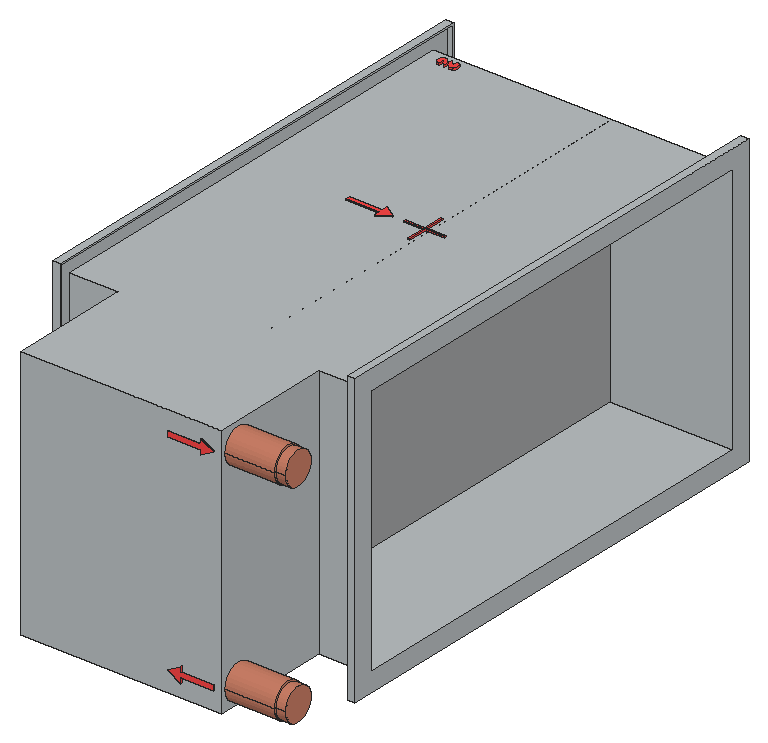
Revit family "NLRS_57_DUA_UN_rectangular-heater-ahxkkx23-26_LT_sacs", category Duct Accessories, Revit 2023
Family settings
  Round Connector Dimension = Use Diameter
  Part Type = Breaks Into
  OmniClass Number = 23.75.10.11.17
  OmniClass Title = Warm Air Heat Generators
  Work Plane-Based = No
  Always vertical = Yes
  Cut with Voids When Loaded = No
  Shared = No
Parameters (values of type "AHxKKx23-26")
  Water connection Right [instance] = yes
  Type IFC Predefined Type = "Heater"
  SACS_Warning_Text_Size [instance] = if(SACS_Warning_Size, "Invalid duct size. Nearest (larger) size selected", " ")  # " "
  SACS_Warning_Text_Other [instance] = if(SACS_Warning_Other, "Selected configuration not allowed", if([Heater circuits (1-26)] < 8, "Use family AHxKKx1-7", if([Heater circuits (1-26)] < 15, "Use family AHxKKx8-14", if([Heater circuits (1-26)] < 23, "Use family AHxKKx15-22", " "))))  # " "
  SACS_Warning_Size [instance] = or(not(NLRS_M_c01_breedte = SACS_Duct_Width), not(NLRS_M_c01_hoogte = SACS_Duct_Height))  # no
  SACS_Warning_Sign [instance] = and(not(SACS_Disable_Warning), or(SACS_Warning_Size, SACS_Warning_Other))  # no
  SACS_Warning_Other [instance] = or([Heater rows (2-10)] < 2, [Heater rows (2-10)] > 10, [Heater circuits (1-26)] < 1, [Heater circuits (1-26)] > 26)  # no
  SACS_Use_Manual_Airflow [instance] = no
  SACS_Plenum_L [instance] = if([Heater rows (2-10)] < 7, 300.00 mm, 400.00 mm)  # 300.00 mm
  SACS_Model [instance] = size_lookup(SACS_Data_Hidden, "Model", "NB", SACS_Duct_Width, SACS_Duct_Height, SACS_Index1, SACS_Index2, SACS_Index3)  # "AH2KKR-25-23 450x250"
  SACS_Manual_Airflow [instance] = 0.0 m³/h
  SACS_Index3 [instance] = if(Water connection Right, 0.00 mm, 1.00 mm)  # 0.00 mm
  SACS_Index2 [instance] = if([Heater circuits (1-26)] < 1, 1, if([Heater circuits (1-26)] > 26, 26, [Heater circuits (1-26)])) * 1.00 mm  # 23.00 mm
  SACS_Index1 [instance] = if([Heater rows (2-10)] < 2, 2, if([Heater rows (2-10)] > 10, 10, [Heater rows (2-10)])) * 1.00 mm  # 2.00 mm
  SACS_Disable_Warning [instance] = no
  SACS_Data_Hidden [instance] = if(Water connection Right, "AH-KKR-25_23-26", "AH-KKL-25_23-26")  # "AH-KKR-25_23-26"
  URL = "https://solid-air.nl/producten/solid-air-naverwarmer-ah-k/"
  Type Comments = "Check flow directions!"  # constant formula
  SACS_Y_Offset3 [instance] = if(Water connection Right, -1.00 mm, SACS_Length_Y - 1.00 mm)  # -1.00 mm
  SACS_Y_Offset2 [instance] = if(Water connection Right, SACS_Duct_Width + SACS_Length_Y - 20.00 mm, 20.00 mm)  # 552.00 mm
  SACS_Y_Offset [instance] = if(Water connection Right, 0.00 mm, SACS_Length_Y)  # 0.00 mm
  SACS_Type_Mark [instance] = ""
  SACS_Right_Box [instance] = if(Water connection Right, SACS_Duct_Width + SACS_Length_Y, SACS_Y_Offset - 1.00 mm)  # 572.00 mm
  SACS_Offset_RL [instance] = if(Water connection Right, 20.00 mm, SACS_Duct_Width + SACS_Length_Y - 19.00 mm)  # 20.00 mm
  SACS_Length_Y [instance] = 90.00 mm + NLRS_P_c01_diameter  # 122.00 mm
  SACS_Left_Box [instance] = if(Water connection Right, SACS_Duct_Width + 1.00 mm, 0.00 mm)  # 451.00 mm
  SACS_Index_Side [instance] = if(Water connection Right, 0, 1)  # 0
  SACS_Flange_Height [instance] = if(or(SACS_Duct_Height > 650.00 mm, SACS_Duct_Width > 650.00 mm), 29.00 mm, 19.00 mm)  # 19.00 mm
  SACS_Duct_Width [instance] = if(roundup(NLRS_M_c01_breedte / 50.00 mm) * 50 < 200, 200.00 mm, if(roundup(NLRS_M_c01_breedte / 50.00 mm * 50) > 2000, 2000.00 mm, roundup(NLRS_M_c01_breedte / 50.00 mm) * 50.00 mm))  # 450.00 mm
  SACS_Duct_Height [instance] = if(roundup(NLRS_M_c01_hoogte / 50.00 mm) * 50 < 200, 200.00 mm, if(roundup(NLRS_M_c01_hoogte / 50.00 mm * 50) > 1600, 1600.00 mm, roundup(NLRS_M_c01_hoogte / 50.00 mm) * 50.00 mm))  # 250.00 mm
  SACS_Diameter2 [instance] = NLRS_P_c01_diameter + 2.00 mm  # 34.00 mm
  SACS_Battery_Length [instance] = SACS_Index1 * 28  # 56.00 mm
  SACS_Air_Flow [instance] = 0.0 m³/h
  SA-Select [instance] = "https://saselect.solid-air.nl/duct-heater"
  NLRS_P_c01_drukverlies_statisch [instance] = 0.0 Pa
  NLRS_P_c01_diameter [instance] = if([Heater circuits (1-26)] < 8, 15.00 mm, if([Heater circuits (1-26)] < 15, 20.00 mm, if([Heater circuits (1-26)] < 23, 25.00 mm, 32.00 mm)))  # 32.00 mm
  NLRS_M_c01_hoogte [instance] = 250.00 mm
  NLRS_M_c01_drukverlies_statisch [instance] = 0.0 Pa
  NLRS_M_c01_breedte [instance] = 450.00 mm
  NLRS_C_model [instance] = SACS_Model  # "AH2KKR-25-23 450x250"
  NLRS_C_description = Description  # "Heater battery AH_KK - Rectangular connector - Solid Air"
  NLRS_C_content_versie = "4.23.02"  # constant formula
  NLRS_C_content_provider = "Solid Air Climate Solutions"  # constant formula
  NLRS_C_content_datum_uitgifte = "01-04-2026"  # constant formula
  NLRS_C_content_creator = "J. Feeke"  # constant formula
  NLRS_C_artikel_code [instance] = size_lookup(SACS_Data_Hidden, "Artikelcode", "NB", SACS_Duct_Width, SACS_Duct_Height, SACS_Index1, SACS_Index2, SACS_Index3)  # "NB"
  NLRS_P_c01_volumestroom [instance] = 0.0 L/s
  NLRS_M_c01_debiet [instance] = abs(if(SACS_Use_Manual_Airflow, SACS_Manual_Airflow, SACS_Air_Flow))  # 0.0 m³/h
  Model = "AH_KK"  # constant formula
  Manufacturer = "Solid Air Climate Solutions"  # constant formula
  LoadBearing [instance] = 1 = 0  # no
  Keynote = ""
  IsExternal [instance] = 1 = 0  # no
  IfcExportType = "Heater"  # constant formula
  IfcExportAs = "IfcHeatExchanger"  # constant formula
  IfcDescription = Description  # "Heater battery AH_KK - Rectangular connector - Solid Air"
  Heater rows (2-10) [instance] = 2
  Heater circuits (1-26) [instance] = 23
  FireRating [instance] = "00"  # constant formula
  Export Type to IFC As = "IfcHeatExchanger"
  Description = "Heater battery AH_KK - Rectangular connector - Solid Air"  # constant formula
  Default Elevation = 0.00 mm
  Cost = 0
  Assembly Code = "57.00"
Reference planes
  plane 1 "Center (Front/Back)": y = 0
  plane 2: z = 0
  plane 3 "Center (Left/Right)": x = 0
  plane 4 "top": z = 125
  plane 5 "bottom": z = -125
  plane 6 "left": x = -150
  plane 7 "right": x = 150
  plane 8 "back": y = 225
  plane 9 "Front": y = -225
  plane 10 "box": y = -347
  plane 11: y = -226
  plane 12: y = 225
Forms (mm)
  Sweep 1, solid, material "NLRS_57_sendzimir verzinkt_gen_sacs", detail levels medium+fine
    path in 3D
      loop
        line (0, -225, -125) -> (0, 225, -125) -> (0, 225, 125) -> (0, -225, 125) -> (0, -225, -125)
    profile "casing : casing" origin (0, -225, 0) x (0, 1, 0) y (1, 0, 0)
      loop
        line (0, -150) -> (0, 150) -> (-19, 150) -> (-19, 142.5) -> (-18, 142.5) -> (-18, 149) -> (-1, 149) -> (-1, -149) -> (-18, -149) -> (-18, -142.5) -> (-19, -142.5) -> (-19, -150) -> (0, -150)
  Extrusion 2, solid, material "NLRS_57_sendzimir verzinkt_gen_sacs", detail levels medium+fine
    sketch origin (0, 0, 0) x (1, 0, 0) y (0, 1, 0)
      loop
        line (-100, -226) -> (-100, -347) -> (100, -347) -> (100, -226) -> (-100, -226)
    from -126 to 126
  Extrusion 3, solid, material "Koper", detail levels medium+fine
    sketch origin (150, 0, 0) x (0, 1, 0) y (0, 0, 1)
      loop
        circle (-327, 105) r 17
      loop
        circle (-327, -105) r 17
    from -50 to 0
  Extrusion 4, solid, material "Koper", detail levels medium+fine
    sketch origin (150, 0, 0) x (0, 1, 0) y (0, 0, 1)
      loop
        circle (-327, 105) r 16
      loop
        circle (-327, -105) r 16
    from 0 to 10
  Extrusion 5, solid, material "NLRS_57_anodised aluminium_gen_sacs", detail levels medium+fine
    sketch origin (0, 0, 0) x (1, 0, 0) y (0, 1, 0)
      loop
        line (-28, 225) -> (-28, -225) -> (28, -225) -> (28, 225) -> (-28, 225)
    from -125 to 125
  Extrusion 6, solid, material "SACS_Label", detail levels medium+fine
    sketch origin (0, 0, 125) x (-1, 0, 0) y (0, -1, 0)
      loop
        line (-23.44, -20) -> (-23.44, -1) -> (-4.439, -1) -> (-4.439, 1) -> (-23.527, 1) -> (-23.527, 20) -> (-25.44, 20) -> (-25.44, 1) -> (-44.439, 1) -> (-44.439, -1) -> (-25.44, -1) -> (-25.44, -20) -> (-23.44, -20)
    from 1 to 2
Cuts and joins
  joined: Sweep 1, Extrusion 2
Lines and regions (mm)
  model lines, not visible
    curve 1: line (0, 225, 125) -> (0, -225, 125)
    curve 2: line (0, 225, -125) -> (0, 225, 125)
    curve 3: line (0, -225, -125) -> (0, 225, -125)
    curve 4: line (0, -225, 125) -> (0, -225, -125)
  sketch lines
    curve 5: line (0, -225, 125) -> (0, -225, -125)
    curve 6: line (0, 225, 125) -> (0, -225, 125)
    curve 7: line (0, 225, -125) -> (0, 225, 125)
    curve 8: line (0, -225, -125) -> (0, 225, -125)
Dimensions and locks
  equal spacing: plane 4 "top", level, plane 5 "bottom"
  "SACS_Duct_Height": plane 4 "top" to plane 5 "bottom"
  equal spacing: plane 6 "left", plane 3 "Center (Left/Right)", plane 7 "right"
  equal spacing: plane 8 "back", plane 1 "Center (Front/Back)", plane 9 "Front"
  "SACS_Duct_Width": plane 8 "back" to plane 9 "Front"
  "SACS_Plenum_L": plane 6 "left" to plane 7 "right"
  "SACS_Y_Offset": plane 12 to plane 8 "back"
  "SACS_Left_Box": plane 12 to plane 11
  "SACS_Right_Box": plane 12 to plane 10 "box"
  locked: Extrusion 2 sketch curve to plane 7 "right" at 50
  locked: plane 6 "left" to Extrusion 2 sketch curve at 50
  locked: Extrusion 2 to plane 4 "top" at 1
  locked: plane 5 "bottom" to Extrusion 2 at 1
  "SACS_Y_Offset2": Extrusion 3 sketch curve to plane 12
  locked: plane 4 "top" to Extrusion 3 sketch curve at 20
  locked: Extrusion 3 sketch curve to plane 5 "bottom" at 20
  "SACS_Y_Offset2": plane 12 to Extrusion 3 sketch curve
  locked: Extrusion 3 to plane 7 "right" at 50
  locked: Extrusion 4 sketch curve to plane 5 "bottom" at 20
  locked: plane 4 "top" to Extrusion 4 sketch curve at 20
  "SACS_Y_Offset2": plane 12 to Extrusion 4 sketch curve  (x2)
  locked: plane 7 "right" to Extrusion 4 at 10
  equal spacing: Extrusion 5 sketch curve, plane 3 "Center (Left/Right)", Extrusion 5 sketch curve
  "SACS_Battery_Length": Extrusion 5 sketch curve to Extrusion 5 sketch curve
  locked: plane 7 "right" to nested 1 at 80
  plane 7 "right" to nested 2 = 80.00 mm
  locked: nested 3 to plane 3 "Center (Left/Right)" at 30
  Extrusion 6 sketch curve to plane 1 "Center (Front/Back)" to Extrusion 6 sketch curve = 1.00 mm locked, 1.00 mm locked
  Extrusion 6 sketch curve to plane 1 "Center (Front/Back)" to Extrusion 6 sketch curve = 20.00 mm locked, 20.00 mm locked
  locked: plane 6 "left" to nested 4 at 25
  locked: plane 8 "back" to nested 4 at 10
  locked: nested 1 to plane 5 "bottom" at 20
  locked: plane 4 "top" to nested 2 at 20
  "SACS_Diameter2": diameter of Extrusion 3 sketch curve  (x2)
  "NLRS_P_c01_diameter": diameter of Extrusion 4 sketch curve  (x2)
  aligned and locked: level to plane 2
  aligned and locked: curve 1 to plane 4 "top"
  aligned and locked: plane 9 "Front" to curve 4
  aligned and locked: plane 5 "bottom" to curve 3
  aligned and locked: curve 2 to plane 8 "back"
  aligned and locked: Extrusion 2 sketch curve to plane 11
  aligned and locked: plane 10 "box" to Extrusion 2 sketch curve
  aligned and locked: Extrusion 3 to plane 7 "right"
  aligned and locked: plane 8 "back" to Extrusion 5
  aligned and locked: Extrusion 5 to plane 9 "Front"
  aligned and locked: Extrusion 5 to plane 5 "bottom"
  aligned and locked: plane 4 "top" to Extrusion 5
  aligned and locked: plane 1 "Center (Front/Back)" to nested 3
  aligned and locked: plane 3 "Center (Left/Right)" to nested 5
Automatic sketch dimensions
  plane 3 "Center (Left/Right)" to Extrusion 6 sketch curve = 44.439 mm
  Extrusion 6 sketch curve to Extrusion 6 sketch curve = 18.999 mm
  Extrusion 6 sketch curve to Extrusion 6 sketch curve = 0.00 mm
  Extrusion 6 sketch curve to Extrusion 6 sketch curve = 1.913 mm
  Extrusion 6 sketch curve to plane 1 "Center (Front/Back)" = 1.00 mm
  Extrusion 6 sketch curve to Extrusion 6 sketch curve = 2.00 mm
  plane 3 "Center (Left/Right)" to Extrusion 6 sketch curve = 4.439 mm
  plane 1 "Center (Front/Back)" to Extrusion 6 sketch curve = 1.00 mm
  Extrusion 5 sketch curve to plane 9 "Front" = 0.00 mm
  Extrusion 5 sketch curve to plane 8 "back" = 0.00 mm
Nested families
  nested 1: "arrow" at (70, -348, -105) x (-1, 0, 0) z (0, 1, 0), built-in parameter 1001364 <- "SACS_Y_Offset3", type "arrow", detail levels medium+fine
  nested 2: "arrow" at (70, -348, 105) x (1, 0, 0) z (0, 1, 0), built-in parameter 1001364 <- "SACS_Y_Offset3", type "arrow", detail levels medium+fine
  nested 3: "arrow" at (-30, 0, 126), type "arrow", detail levels medium+fine
  nested 4: "logo_single" at (-125, 215, 125), type "logo_single", detail levels medium+fine
  nested 5: "NV-Symbol" at (0, 0, 125), type "FD-Symbol_Top", detail levels coarse
  nested 6: "Warning" at (0, 0, 125), visible <- "SACS_Warning_Size", type "Warning", detail levels medium+fine
  nested 7: "NV-Symbol" at (0, 0, 0) x (1, 0, 0) z (0, 1, 0), type "FD-Symbol_Side", detail levels coarse
Connectors
  hvac at (-150, 0, 0), driven by "NLRS_M_c01_hoogte", driven by "NLRS_M_c01_breedte", driven by "NLRS_M_c01_debiet", driven by "NLRS_M_c01_drukverlies_statisch"
    settings: on cut or joined group of Sweep 1, Extrusion 2, index 1, duct flow 0.0 m³/h, flow factor 0, pres drop 0.0 Pa, loss coef 0, conn angle 0.00°, conn width 450 mm, conn height 250 mm, conn diameter 609.6 mm, duct sys type 29, conn prof type 1, flow config 1, flow direction 1, loss method 4, conn ref index -1, conn util no, is conn primary yes, conn desc ""
  hvac at (150, 0, 0), driven by "NLRS_M_c01_hoogte", driven by "NLRS_M_c01_breedte", driven by "SACS_Air_Flow"
    settings: on cut or joined group of Sweep 1, Extrusion 2, index 2, duct flow 0.0 m³/h, flow factor 0, pres drop 0.0 Pa, loss coef 0, conn angle 0.00°, conn width 450 mm, conn height 250 mm, conn diameter 609.6 mm, duct sys type 29, conn prof type 1, flow config 0, flow direction 2, loss method 0, conn ref index -1, conn util no, is conn primary no, conn desc ""
  piping at (150, -327, -105), diameter 32, driven by "NLRS_P_c01_diameter", driven by "NLRS_P_c01_volumestroom", driven by "NLRS_P_c01_drukverlies_statisch"
    settings: on Extrusion 4, index 3, connector inside diameter 24", connector length 0.00 mm, flow factor 0, pipe flow 0.0 L/s, pressure drop 0.0 Pa, fitting loss kfactor 0, connector angle 0.00°, fixture units 0, engagement length 0.00 mm, angle of deflection 0.00°, flow configuration 1, flow direction 1, fitting loss method 4, system type 7, joint type 0, gender type 0, connector reference index -1, connector utility 0, adjustable connector no, is connector primary yes, connector description ""
  piping at (150, -327, 105), diameter 32, driven by "NLRS_P_c01_diameter", driven by "NLRS_P_c01_volumestroom", driven by "NLRS_P_c01_drukverlies_statisch"
    settings: on Extrusion 4, index 4, connector inside diameter 24", connector length 0.00 mm, flow factor 0, pipe flow 0.0 L/s, pressure drop 0.0 Pa, fitting loss kfactor 0, connector angle 0.00°, fixture units 0, engagement length 0.00 mm, angle of deflection 0.00°, flow configuration 1, flow direction 2, fitting loss method 4, system type 8, joint type 0, gender type 0, connector reference index -1, connector utility 0, adjustable connector no, is connector primary no, connector description ""
Definition of nested family "arrow"
  Parameters (values of type "arrow")
    Default Elevation = 1219.20 mm
  Reference planes
    plane 1 "Center (Front/Back)": y = 0
    plane 2: z = 0
    plane 3 "Center (Left/Right)": x = 0
  Forms (mm)
    Extrusion 1, solid
      sketch origin (0, 48.354, 0) x (-1, 0, 0) y (0, -1, 0)
        loop
          line (22.513, 50.854) -> (-10.002, 50.854) -> (-10.002, 55.854) -> (-22.513, 48.354) -> (-10.002, 40.854) -> (-10.002, 45.854) -> (22.513, 45.854) -> (22.513, 50.854)
      from 0 to 1
  Dimensions and locks
    aligned and locked: level to plane 2
Definition of nested family "logo_single"
  Parameters (values of type "logo_single")
    t = 5.00 mm
    Model = "LOD 400"
    Description = "Model type"
    Default Elevation = 1219.20 mm
  Reference planes
    plane 1 "Center (Front/Back)": y = 0
    plane 2: z = 0
    plane 3 "Center (Left/Right)": x = 0
    plane 4: z = 2
    plane 5: x = -10
    plane 6: y = -5
    plane 7: y = 5
    plane 8: x = -5
    plane 9: x = 5
    plane 10: x = 10
  Forms (mm)
    Extrusion 1, solid
      sketch origin (-547.644, -297.937, 0) x (1, 0, 0) y (0, 1, 0)
        loop
          arc (542.644, 302.937) -> (537.644, 297.937) -> (542.644, 292.937) r 5
          line (542.644, 292.937) -> (542.644, 297.937) -> (547.644, 292.937) -> (547.644, 297.937) -> (542.644, 302.937)
      from 0 to 2
    Extrusion 2, solid
      sketch origin (0, 0, 0) x (1, 0, 0) y (0, 1, 0)
        loop
          arc (5, -5) -> (10, 0) -> (5, 5) r 5
          line (5, 5) -> (5, 0) -> (0, 5) -> (0, 0) -> (5, -5)
      from 0 to 2
  Dimensions and locks
    "t": plane 7 to plane 1 "Center (Front/Back)"
    "t": plane 6 to plane 1 "Center (Front/Back)"
    "t": plane 5 to plane 8
    "t": plane 8 to plane 3 "Center (Left/Right)"
    "t": plane 3 "Center (Left/Right)" to plane 9
    "t": plane 9 to plane 10
    aligned and locked: level to plane 2
    aligned and locked: plane 4 to Extrusion 1
  Automatic sketch dimensions
    plane 1 "Center (Front/Back)" to Extrusion 1 sketch curve = 0.00 mm  (x3)
    Extrusion 1 sketch curve to plane 8 = 0.00 mm
    Extrusion 1 sketch curve to plane 7 = 0.00 mm
    Extrusion 1 sketch curve to plane 3 "Center (Left/Right)" = 0.00 mm
    Extrusion 1 sketch curve to plane 6 = 0.00 mm
    Extrusion 2 sketch curve to plane 3 "Center (Left/Right)" = 0.00 mm
    plane 1 "Center (Front/Back)" to Extrusion 2 sketch curve = 0.00 mm  (x3)
    Extrusion 2 sketch curve to plane 6 = 0.00 mm
    Extrusion 2 sketch curve to plane 9 = 0.00 mm
    Extrusion 2 sketch curve to plane 7 = 0.00 mm
Definition of nested family "NV-Symbol"
  Parameters (values of type "FD-Symbol_Side")
    Width = 250.00 mm
    Length = 300.00 mm
    Half_Width = Width / 2  # 125.00 mm
  Types (2, lengths in mm): name | Width | Half_Width
    FD-Symbol_Side | 250.00 | 125.00
    FD-Symbol_Top | 450.00 | 225.00
  Reference planes
    plane 1 "Center (Front/Back)": y = 0
    plane 2: z = 0
    plane 3 "Center (Left/Right)": x = 0
    plane 4: x = -150
    plane 5: x = 150
    plane 6: y = -125
    plane 7: y = 125
    plane 8: x = 100
    plane 9: x = -125
    plane 10: y = 100
    plane 11: x = -417.698
    plane 12: y = 67.059
  Lines and regions (mm)
    detail lines, in view "Ref. Level"
      curve 1: line (-150, 125, 0) -> (150, 125, 0)
      curve 2: line (-150, -125, 0) -> (-150, 125, 0)
      curve 3: line (150, -125, 0) -> (-150, -125, 0)
      curve 4: line (150, 125, 0) -> (150, -125, 0)
      curve 5: line (-150, -125, 0) -> (150, 125, 0)
      curve 6: line (75, 0, 0) -> (125, 0, 0)
      curve 7: line (100, 25, 0) -> (100, -25, 0)
      curve 8: line (-141.355, 112.5, 0) -> (-141.355, 87.5, 0)
      curve 9: line (-141.355, 112.5, 0) -> (-128.855, 87.5, 0)
      curve 10: line (-128.855, 87.5, 0) -> (-128.855, 112.5, 0)
      curve 11: line (-121.145, 112.5, 0) -> (-114.447, 87.5, 0)
      curve 12: line (-114.447, 87.5, 0) -> (-105.347, 112.5, 0)
      curve 18: line (75, 0, 0) -> (125, 0, 0)
    detail lines, in view "Ref. Level", not visible
      curve 13: line (-434.053, 79.559, 0) -> (-434.053, 54.559, 0)
      curve 14: line (-434.053, 79.559, 0) -> (-421.553, 54.559, 0)
      curve 15: line (-421.553, 54.559, 0) -> (-421.553, 79.559, 0)
      curve 16: line (-413.844, 79.559, 0) -> (-407.145, 54.559, 0)
      curve 17: line (-407.145, 54.559, 0) -> (-398.046, 79.559, 0)
  Dimensions and locks
    "Half_Width": plane 1 "Center (Front/Back)" to plane 6
    "Half_Width": plane 7 to plane 1 "Center (Front/Back)"
    "Length": plane 4 to plane 5
    equal spacing: plane 4, plane 3 "Center (Left/Right)", plane 5
    locked: plane 8 to plane 5 at 50
    plane 4 to plane 9 = 25.00 mm
    locked: plane 7 to plane 10 at 25
    curve 18 to plane 8 to curve 18 = 25.00 mm locked, 25.00 mm locked
    curve 7 to plane 1 "Center (Front/Back)" to curve 7 = 25.00 mm locked, 25.00 mm locked
    aligned and locked: plane 4 to curve 2
    aligned and locked: curve 1 to plane 7
    aligned and locked: curve 4 to plane 5
    aligned and locked: plane 6 to curve 3
    aligned and locked: plane 1 "Center (Front/Back)" to curve 6
  Automatic sketch dimensions
    curve 5 to plane 4 = 0.00 mm
    plane 1 "Center (Front/Back)" to curve 18 = 0.00 mm
    curve 7 to plane 8 = 0.00 mm
    curve 18 to curve 6 = 0.00 mm  (x2)
Definition of nested family "Warning"
  Parameters (values of type "Warning")
    straal = 1000.00 mm
  Reference planes
    plane 1 "Center (Front/Back)": y = 0
    plane 2: z = 0
    plane 3 "Center (Left/Right)": x = 0
  Lines and regions (mm)
    Filled region 1, type "Solid Fill - Black", in view "Ref. Level"
      outline origin (0, 0, 0) x (1, 0, 0) y (0, 1, 0)
        loop
          line (-25.8, 75) -> (-20, -12.003) -> (20, -12.003) -> (25.8, 75) -> (-25.8, 75)
        loop
          circle (0, -50) r 25
